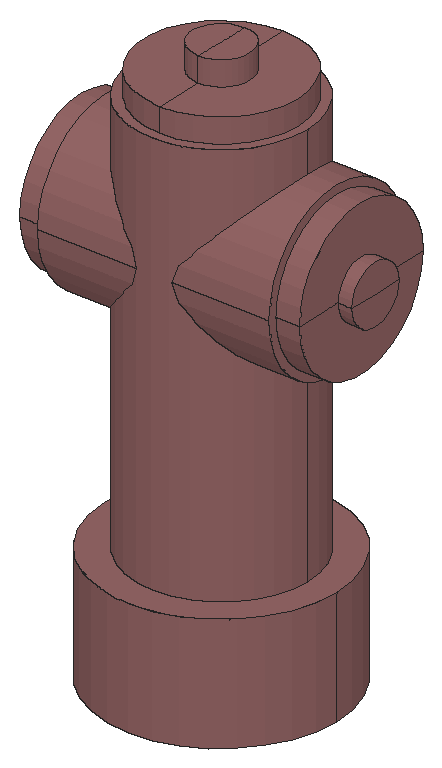
Revit family "bf859fe8cb5a46929e17f648d0ce6a56", category Site, Revit 2021
Family settings
  Round Connector Dimension = Use Diameter
  Part Type = Normal
  Seek Item ID = Fire Hydrant-0000-USA-ENU
  Work Plane-Based = No
  Always vertical = Yes
  Cut with Voids When Loaded = No
  Shared = No
Reference planes (in)
  plane 1 "Center (Front/Back)": y = 0
  plane 2: z = 0
  plane 3 "Center (Left/Right)": x = 0
  plane 4: z = 15.56127
Forms (in)
  Extrusion 1, solid, material "Metal - Paint Finish - Indian Red, Matte"
    sketch origin (0, 0, 0) x (1, 0, 0) y (0, 1, 0)
      loop
        circle (0, 0) r 4.5
    from 0 to 22
  Extrusion 2, solid, material "Metal - Paint Finish - Indian Red, Matte"
    sketch origin (0, 0, 0) x (0, 1, 0) y (0, 0, 1)
      loop
        circle (0, 15.56127) r 4.4
    from -6 to 6
  Extrusion 3, solid, material "Metal - Paint Finish - Indian Red, Matte"
    sketch origin (0, 0, 0) x (1, 0, 0) y (0, 1, 0)
      loop
        circle (0, 0) r 6
    from -5 to 1
  Revolve 4, solid, material "Metal - Paint Finish - Indian Red, Matte"
    sketch origin (0, 0, 15.56127) x (0, -1, 0) y (1, 0, 0)
      loop
        line (0, 6) -> (0, 8) -> (-1.5, 8) -> (-1.5, 7.25) -> (-4, 7.25) -> (-4, 6) -> (0, 6)
      loop
        line (0, -6) -> (-4, -6) -> (-4, -7.25) -> (-1.5, -7.25) -> (-1.5, -8) -> (0, -8) -> (0, -6)
      axis (0, -8) -> (0, 8)
    angle from 0 to 360
  Revolve 5, solid, material "Metal - Paint Finish - Indian Red, Matte"
    sketch origin (0, 0, 0) x (0, 1, 0) y (0, 0, 1)
      loop
        line (0, 22) -> (0, 24.5) -> (-1.5, 24.5) -> (-1.5, 23.25) -> (-4, 23.25) -> (-4, 22) -> (0, 22)
      axis (0, 24.5) -> (0, 22)
    angle from 0 to 360
